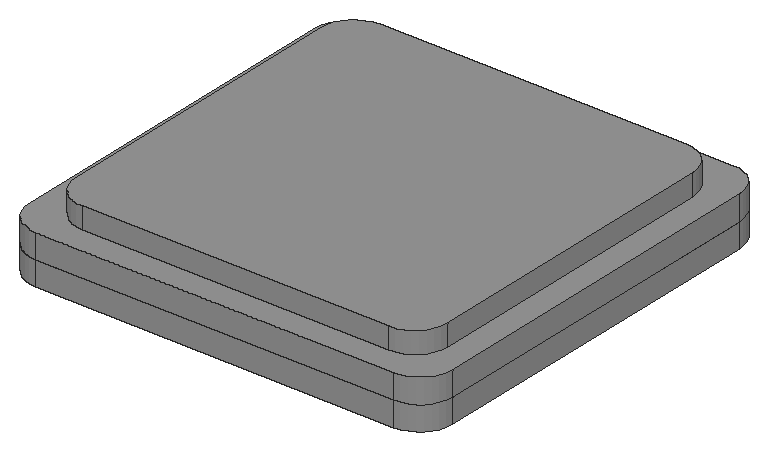
Revit family "FMS2_63_UN_Surface-mounted_ETK", category Lighting Fixtures, Revit 2019 (continued)
Definition of nested family "FMS.2 - Lightsource"
  Types (14, lengths in mm): name | Wattage Comments | Wattage | built-in parameter 1150134 | Photometric Web File | built-in parameter 1150142 | built-in parameter 1150105 | Lumens | built-in parameter 1150107 | built-in parameter 1150106 | Apparent Load
      1844\t353.1708\t345.1572\t337.4298\t329.4162\t321.6888\t313.9614\t306.234\t298.5066\r\n290.7792\t283.0804\t275.4675\t267.9118\t260.2417\t252.5429\t244.9013\t237.2884\t229.7327\t222.2343\r\n214.7645\t207.3519\t199.9679\t192.6412\t185.3431\t178.0736\t170.8328\t163.9354\t157.2955\t150.7129\r\n144.1589\t137.6336\t131.1368\t124.6687\t118.2578\t111.847\t105.4647\t99.1111\t92.786\t81.3953\r\n65.9119\t50.4284\t34.9164\t19.4358\t3.9438\t0\t0\t0\t0\t0\r\n0\r\n985.1004\t984.2418\t983.3832\t982.8108\t982.2384\t981.666\t980.5212\t979.9488\t979.0902\t978.5178\r\n977.373\t976.2282\t975.0834\t973.6524\t972.5076\t971.3628\t970.218\t968.787\t967.356\t965.6388\r\n963.9216\t961.9182\t960.4872\t958.77\t956.4804\t954.477\t952.1874\t950.184\t947.8944\t945.891\r\n943.8876\t941.598\t939.0222\t936.7326\t934.1568\t931.8672\t929.2914\t926.7156\t923.5674\t920.7054\r\n916.9848\t913.2642\t909.5436\t905.2506\t901.2438\t897.237\t892.944\t888.9372\t884.9304\t880.6374\r\n876.6306\t872.3376\t868.0446\t863.4654\t858.8862\t854.5932\t850.5864\t845.721\t840.8556\t836.2764\r\n831.6972\t826.8318\t821.6802\t816.8148\t811.9494\t807.084\t802.5048\t797.6394\t792.774\t787.6224\r\n782.4708\t777.033\t771.8814\t765.8712\t759.861\t753.8508\t747.8406\t741.8304\t735.534\t729.2376\r\n722.655\t716.3586\t710.3484\t704.052\t697.4694\t690.6006\t684.3042\t678.294\t671.9976\t665.7012\r\n659.1186\t652.536\t645.9534\t639.657\t632.7882\t626.2056\t619.623\t613.0404\t606.4578\t599.3028\r\n592.1478\t584.9928\t577.5516\t570.1104\t562.6692\t555.228\t548.073\t540.918\t533.4768\t526.3218\r\n518.8806\t511.7256\t504.5706\t497.1294\t489.9744\t482.8194\t475.6644\t468.5094\t461.3544\t453.627\r\n445.6134\t437.5998\t429.8724\t421.8588\t413.8452\t406.1178\t398.1042\t390.3768\t382.6494\t374.922\r\n367.1946\t359.4672\t351.7398\t344.0124\t336.285\t328.5576\t320.544\t312.5304\t304.5168\t296.7894\r\n288.7758\t281.0484\t273.321\t265.6795\t258.0665\t250.5109\t242.9838\t235.514\t228.0728\t220.5457\r\n213.0759\t205.6633\t198.2794\t190.9526\t183.6545\t176.4423\t169.2587\t162.1323\t155.0918\t148.1085\r\n141.4973\t135.1723\t128.8759\t122.6081\t116.3975\t110.187\t104.0051\t97.8804\t91.7843\t85.6883\r\n78.8767\t63.0785\t47.2802\t31.482\t15.6637\t0\t0\t0\t0\t0\r\n0\r\n985.1004\t984.2418\t983.3832\t982.8108\t982.5246\t981.666\t980.8074\t979.9488\t979.3764\t978.804\r\n977.6592\t976.5144\t975.0834\t973.9386\t972.7938\t971.9352\t970.5042\t969.0732\t967.356\t965.3526\r\n963.6354\t961.9182\t960.4872\t958.1976\t956.1942\t953.9046\t951.615\t949.3254\t947.322\t945.3186\r\n942.7428\t940.4532\t937.8774\t935.3016\t932.7258\t930.15\t927.288\t924.426\t921.2778\t918.4158\r\n915.5538\t912.1194\t908.685\t905.2506\t902.1024\t898.668\t894.6612\t890.6544\t886.3614\t882.0684\r\n877.4892\t873.1962\t868.9032\t864.6102\t860.031\t855.1656\t850.3002\t845.4348\t840.5694\t835.4178\r\n830.2662\t825.4008\t820.5354\t815.3838\t810.5184\t805.3668\t800.2152\t795.0636\t789.6258\t784.188\r\n779.0364\t773.5986\t768.447\t763.0092\t757.8576\t752.1336\t746.6958\t740.9718\t735.534\t729.81\r\n723.7998\t718.0758\t712.0656\t705.7692\t699.1866\t692.3178\t685.7352\t678.8664\t671.9976\t665.1288\r\n658.5462\t651.6774\t644.8086\t637.9398\t631.071\t624.4884\t617.3334\t610.4646\t603.5958\t596.727\r\n589.8582\t582.9894\t576.1206\t568.9656\t562.0968\t554.9418\t548.073\t540.918\t533.763\t526.0356\r\n518.3082\t510.5808\t503.1396\t495.4122\t487.971\t480.2436\t472.8024\t465.3612\t457.92\t450.4788\r\n443.0376\t435.5964\t427.869\t420.4278\t412.9866\t405.2592\t398.1042\t390.0906\t382.077\t373.7772\r\n365.7636\t358.0362\t350.0226\t342.009\t334.2816\t326.268\t318.5406\t310.527\t302.7996\t295.0722\r\n287.631\t279.9322\t271.9759\t264.1626\t256.4066\t248.6792\t241.0376\t233.4247\t225.869\t218.3992\r\n211.0153\t203.7458\t196.5335\t189.3213\t182.0804\t174.8968\t167.7704\t160.7299\t153.7753\t146.8778\r\n140.0377\t133.2547\t126.529\t120.1468\t114.0507\t108.0405\t102.0875\t96.1918\t90.3247\t84.4862\r\n78.6764\t72.9238\t61.6189\t45.2768\t28.9062\t12.5298\t0\t0\t0\t0\r\n0\r\n985.1004\t984.2418\t983.3832\t983.097\t982.5246\t981.9522\t981.0936\t980.5212\t979.9488\t979.0902\r\n977.9454\t976.8006\t975.3696\t974.2248\t973.3662\t972.5076\t970.7904\t969.3594\t967.356\t965.3526\r\n963.9216\t962.4906\t960.4872\t958.1976\t955.908\t953.6184\t951.615\t949.3254\t947.322\t944.7462\r\n942.4566\t939.5946\t937.0188\t934.443\t931.8672\t929.0052\t926.1432\t922.995\t920.133\t916.6986\r\n913.2642\t909.8298\t906.3954\t902.961\t899.5266\t896.0922\t892.3716\t888.9372\t884.9304\t881.2098\r\n877.4892\t874.0548\t869.7618\t865.4688\t861.1758\t856.5966\t851.7312\t846.5796\t841.428\t836.2764\r\n831.411\t826.2594\t821.1078\t815.9562\t810.8046\t805.3668\t799.929\t794.4912\t789.0534\t783.6156\r\n778.1778\t772.74\t767.016\t761.292\t755.568\t749.844\t743.8338\t737.8236\t731.8134\t726.3756\r\n720.6516\t714.6414\t708.345\t702.0486\t696.0384\t689.742\t683.7318\t677.7216\t671.4252\t665.1288\r\n658.8324\t652.536\t646.2396\t639.9432\t633.3606\t626.4918\t619.3368\t612.1818\t605.0268\t597.5856\r\n590.1444\t582.9894\t575.5482\t568.107\t560.952\t553.5108\t546.3558\t538.9146\t531.4734\t523.746\r\n516.3048\t509.1498\t501.7086\t494.5536\t487.1124\t479.9574\t472.5162\t465.075\t457.6338\t450.1926\r\n442.179\t434.1654\t426.1518\t418.1382\t410.4108\t402.6834\t394.956\t387.2286\t379.215\t371.4876\r\n363.7602\t356.0328\t348.5916\t340.8642\t333.423\t325.6956\t317.9682\t309.6684\t301.6548\t293.6412\r\n285.6848\t277.7857\t269.9152\t262.1306\t254.4318\t246.8475\t239.3204\t231.7934\t224.3522\t216.6534\r\n209.1263\t201.7424\t194.4157\t187.1748\t179.9339\t172.8362\t165.7957\t158.8982\t152.0581\t145.2179\r\n138.4349\t131.7092\t125.0122\t118.3437\t111.7039\t105.0926\t98.5959\t92.5285\t86.4896\t80.5367\r\n74.641\t68.8025\t63.0212\t57.2972\t41.9855\t25.6378\t9.3244\t0\t0\t0\r\n0\r\n985.1004\t984.2418\t983.6694\t983.097\t982.8108\t981.9522\t981.3798\t980.8074\t980.235\t979.3764\r\n978.2316\t977.0868\t975.942\t974.7972\t973.9386\t972.7938\t971.3628\t969.6456\t967.6422\t965.925\r\n964.494\t963.063\t960.7734\t958.4838\t956.1942\t953.9046\t951.9012\t949.8978\t947.322\t945.0324\r\n942.1704\t939.5946\t937.0188\t934.443\t931.581\t928.719\t925.5708\t922.7088\t919.2744\t915.5538\r\n912.1194\t908.685\t905.2506\t901.8162\t898.0956\t894.375\t890.6544\t886.9338\t883.2132\t879.4926\r\n875.4858\t871.1928\t866.8998\t862.3206\t858.0276\t853.4484\t848.8692\t844.29\t839.7108\t835.1316\r\n830.5524\t825.687\t821.1078\t815.9562\t811.0908\t805.9392\t800.7876\t795.9222\t791.0568\t785.619\r\n779.6088\t773.5986\t767.8746\t762.1506\t755.8542\t749.844\t744.4062\t738.6822\t732.3858\t726.3756\r\n719.793\t713.4966\t707.2002\t701.19\t694.8936\t688.311\t682.0146\t675.7182\t669.1356\t662.2668\r\n655.6842\t649.1016\t642.8052\t636.2226\t629.64\t622.7712\t616.1886\t609.3198\t602.451\t595.5822\r\n588.9996\t582.1308\t575.262\t568.3932\t561.2382\t553.797\t546.9282\t540.0594\t533.1906\t526.3218\r\n518.5944\t510.5808\t502.8534\t495.126\t487.3986\t479.6712\t471.9438\t464.2164\t456.2028\t448.4754\r\n440.4618\t432.7344\t425.007\t417.2796\t409.5522\t401.5386\t393.8112\t386.0838\t378.3564\t370.629\r\n362.9016\t355.4604\t347.733\t339.4332\t331.4196\t323.1198\t315.1062\t307.3788\t299.3652\t291.6378\r\n283.7673\t276.1544\t268.6559\t261.0144\t253.4587\t245.9889\t238.4618\t230.5627\t222.8067\t215.1652\r\n207.6381\t200.111\t192.7271\t185.4862\t178.3312\t171.3193\t164.1929\t156.9521\t149.7398\t142.5276\r\n135.3154\t128.0459\t120.805\t113.6214\t106.4378\t99.3686\t92.4426\t85.6597\t78.9912\t72.4658\r\n66.7418\t61.3899\t56.1238\t50.9722\t45.9351\t38.4653\t22.4553\t6.4767\t0\t0\r\n0\r\n985.1004\t984.528\t983.6694\t983.3832\t983.097\t982.2384\t981.666\t981.0936\t980.8074\t979.9488\r\n978.804\t977.6592\t976.2282\t975.3696\t974.7972\t973.3662\t971.9352\t969.9318\t967.9284\t966.4974\r\n965.6388\t963.6354\t961.3458\t959.0562\t956.7666\t954.7632\t952.7598\t950.4702\t948.1806\t945.6048\r\n942.7428\t940.167\t937.5912\t934.7292\t931.8672\t929.0052\t926.1432\t922.7088\t918.9882\t915.5538\r\n912.1194\t908.685\t905.2506\t901.53\t897.8094\t894.0888\t890.3682\t886.3614\t882.6408\t878.9202\r\n874.6272\t870.048\t865.4688\t861.1758\t856.5966\t852.0174\t847.4382\t842.859\t837.9936\t833.4144\r\n828.549\t823.9698\t818.8182\t813.6666\t808.515\t803.0772\t798.2118\t793.3464\t787.9086\t782.1846\r\n776.7468\t771.309\t765.585\t759.861\t754.4232\t749.2716\t743.5476\t737.5374\t731.5272\t725.2308\r\n719.2206\t713.4966\t707.4864\t701.19\t695.1798\t689.1696\t682.8732\t676.0044\t669.708\t663.4116\r\n657.1152\t650.5326\t643.95\t637.0812\t629.9262\t623.3436\t616.4748\t609.3198\t602.1648\t595.0098\r\n588.141\t580.986\t573.831\t566.3898\t558.9486\t551.5074\t544.3524\t536.9112\t529.47\t522.315\r\n515.16\t507.7188\t500.2776\t492.8364\t485.3952\t477.6678\t470.2266\t462.4992\t455.058\t447.6168\r\n440.1756\t432.4482\t425.007\t417.2796\t409.5522\t401.8248\t394.0974\t386.37\t378.9288\t371.4876\r\n363.474\t355.1742\t347.1606\t339.147\t330.8472\t322.8336\t314.82\t306.8064\t298.7928\t290.7792\r\n282.7656\t274.8951\t267.1677\t259.4689\t251.7701\t244.1572\t236.5729\t228.8169\t220.975\t213.3049\r\n205.6919\t198.2507\t190.924\t183.7118\t176.6426\t169.7166\t162.8764\t155.7787\t148.1371\t140.5242\r\n132.7968\t124.8977\t116.9413\t108.9563\t101.1431\t93.5874\t86.2034\t79.0771\t72.151\t65.6829\r\n59.7586\t54.0632\t48.6254\t43.5883\t39.4384\t35.4602\t31.5679\t21.1845\t4.3645\t0\r\n0\r\n985.1004\t984.528\t983.6694\t983.6694\t983.3832\t982.5246\t981.9522\t981.666\t981.3798\t980.235\r\n979.3764\t978.2316\t977.0868\t976.2282\t975.6558\t974.2248\t972.5076\t970.7904\t968.787\t967.6422\r\n966.7836\t964.494\t962.2044\t960.201\t957.9114\t955.908\t953.9046\t951.615\t949.3254\t946.4634\r\n943.6014\t941.3118\t938.736\t936.1602\t933.2982\t930.15\t927.288\t923.5674\t919.8468\t916.4124\r\n913.2642\t909.8298\t906.3954\t902.6748\t898.9542\t895.2336\t891.2268\t887.5062\t883.7856\t879.4926\r\n875.1996\t870.6204\t866.0412\t861.7482\t857.169\t852.876\t848.2968\t843.4314\t838.566\t833.7006\r\n829.1214\t824.256\t819.3906\t813.9528\t808.515\t803.3634\t798.498\t793.0602\t787.6224\t782.1846\r\n776.7468\t770.7366\t765.0126\t759.5748\t754.137\t748.413\t742.689\t736.3926\t730.0962\t724.086\r\n718.362\t712.0656\t705.7692\t699.4728\t693.4626\t687.1662\t680.5836\t674.001\t667.7046\t661.122\r\n654.5394\t647.9568\t641.3742\t634.5054\t627.9228\t621.054\t614.4714\t607.3164\t600.4476\t593.5788\r\n586.71\t579.555\t572.1138\t564.9588\t558.09\t550.935\t543.4938\t536.3388\t529.1838\t522.0288\r\n514.5876\t507.1464\t499.7052\t491.9778\t484.8228\t477.3816\t469.6542\t461.9268\t454.1994\t446.7582\r\n439.317\t431.5896\t423.8622\t415.8486\t408.4074\t400.68\t392.9526\t385.2252\t377.2116\t369.198\r\n360.8982\t352.5984\t345.1572\t337.716\t329.7024\t321.6888\t313.6752\t305.6616\t297.648\t289.6344\r\n281.7067\t273.8075\t266.1374\t258.5245\t250.7971\t243.041\t235.3995\t227.8724\t220.374\t212.8756\r\n205.4916\t198.1935\t190.9526\t183.8549\t176.2992\t168.858\t161.474\t154.3477\t147.3358\t140.4097\r\n133.5695\t126.8725\t120.3185\t113.4497\t105.2357\t96.9359\t88.6648\t80.4222\t72.3514\t64.9674\r\n57.9555\t51.3729\t45.2196\t39.7532\t34.8305\t30.5948\t26.7597\t24.1152\t22.2864\t3.1368\r\n0\r\n985.1004\t984.528\t983.9556\t983.6694\t983.6694\t982.8108\t982.2384\t981.9522\t981.666\t980.8074\r\n979.9488\t978.804\t977.6592\t977.0868\t976.5144\t975.0834\t973.6524\t971.649\t969.6456\t968.787\r\n968.2146\t965.925\t963.6354\t961.3458\t959.3424\t957.339\t955.6218\t953.3322\t951.0426\t948.1806\r\n945.3186\t943.029\t940.7394\t937.8774\t935.3016\t932.4396\t929.2914\t925.5708\t921.8502\t918.702\r\n915.2676\t911.8332\t908.3988\t904.9644\t901.2438\t897.5232\t893.8026\t890.082\t886.3614\t882.0684\r\n877.7754\t873.1962\t868.617\t864.324\t860.031\t855.4518\t851.1588\t846.2934\t841.1418\t836.5626\r\n831.9834\t827.4042\t822.5388\t816.8148\t811.377\t806.5116\t801.6462\t796.2084\t790.7706\t785.0466\r\n779.6088\t773.8848\t768.1608\t762.723\t757.2852\t751.5612\t745.8372\t739.5408\t733.2444\t727.2342\r\n721.224\t715.2138\t708.9174\t702.621\t696.3246\t690.0282\t683.7318\t677.4354\t671.139\t664.2702\r\n657.6876\t651.105\t644.2362\t637.6536\t630.7848\t623.916\t617.3334\t610.1784\t603.0234\t596.1546\r\n589.2858\t582.1308\t574.6896\t567.8208\t561.2382\t553.797\t546.3558\t539.2008\t531.7596\t524.3184\r\n516.591\t509.1498\t501.7086\t494.2674\t487.1124\t479.385\t471.6576\t463.9302\t455.9166\t448.1892\r\n440.4618\t433.0206\t425.5794\t417.5658\t409.5522\t401.5386\t393.525\t385.5114\t377.784\t369.7704\r\n362.043\t354.0294\t346.302\t338.2884\t330.2748\t322.5474\t314.82\t306.8064\t298.7928\t291.0654\r\n282.9946\t275.1813\t267.3967\t259.4689\t251.5412\t243.8138\t236.0864\t228.4735\t220.8605\t213.219\r\n205.5488\t197.9932\t190.4661\t183.0249\t175.5837\t168.3715\t161.1592\t154.2618\t147.3358\t140.5242\r\n133.7413\t127.0728\t120.4043\t114.0507\t107.6971\t101.4007\t95.0756\t89.3516\t83.599\t78.0754\r\n72.5517\t67.3715\t62.1913\t57.24\t52.2887\t47.9957\t43.7314\t40.9552\t38.1505\t37.2919\r\n19.7163\r\n985.1004\t984.528\t983.6694\t983.3832\t983.097\t982.5246\t981.666\t981.3798\t981.0936\t980.235\r\n979.0902\t977.9454\t976.8006\t975.942\t975.3696\t973.9386\t972.2214\t970.218\t968.2146\t967.356\r\n966.4974\t964.2078\t961.9182\t959.6286\t957.6252\t955.6218\t953.6184\t951.3288\t949.0392\t946.1772\r\n943.3152\t940.7394\t938.1636\t935.3016\t932.4396\t929.5776\t926.7156\t922.995\t919.2744\t915.84\r\n912.4056\t908.9712\t905.5368\t901.8162\t898.0956\t894.375\t890.6544\t886.9338\t882.927\t878.9202\r\n874.341\t869.7618\t865.1826\t860.8896\t856.5966\t852.0174\t847.4382\t842.5728\t837.4212\t832.842\r\n828.2628\t823.3974\t818.532\t813.0942\t807.6564\t802.2186\t797.3532\t791.9154\t786.7638\t781.326\r\n775.602\t769.878\t764.154\t758.43\t752.9922\t747.2682\t741.5442\t735.2478\t729.2376\t723.2274\r\n717.2172\t710.9208\t704.6244\t698.328\t692.0316\t685.7352\t679.4388\t673.1424\t666.5598\t659.9772\r\n653.3946\t646.812\t640.2294\t633.3606\t626.4918\t619.623\t613.0404\t606.1716\t599.0166\t591.8616\r\n584.9928\t577.8378\t570.969\t563.814\t556.659\t549.504\t542.349\t535.194\t527.7528\t520.5978\r\n512.8704\t505.4292\t497.988\t490.5468\t483.1056\t475.6644\t467.937\t460.4958\t452.7684\t445.041\r\n437.3136\t429.8724\t422.4312\t414.99\t406.9764\t398.9628\t391.5216\t383.7942\t375.7806\t367.4808\r\n359.7534\t351.7398\t344.0124\t335.9988\t327.699\t319.6854\t311.6718\t303.9444\t295.9308\t288.2034\r\n280.3043\t272.4338\t264.5919\t256.75\t249.0226\t241.3525\t233.6823\t226.0408\t218.5137\t211.1297\r\n203.7744\t196.5049\t189.3213\t182.3094\t174.7823\t167.2267\t159.7568\t152.6591\t145.6472\t138.7784\r\n131.9668\t125.3556\t118.9161\t112.5911\t106.123\t99.7407\t93.7591\t87.9493\t82.397\t76.6157\r\n70.949\t65.597\t60.4454\t55.4942\t50.8864\t46.5361\t42.5007\t39.839\t38.036\t5.4035\r\n0\r\n985.1004\t984.2418\t983.6694\t983.3832\t982.8108\t982.2384\t981.3798\t980.8074\t980.5212\t979.3764\r\n978.5178\t977.373\t975.942\t975.0834\t974.2248\t972.7938\t971.3628\t969.3594\t967.356\t965.925\r\n965.0664\t963.063\t960.4872\t958.4838\t956.1942\t953.9046\t951.9012\t949.6116\t947.322\t944.7462\r\n941.8842\t939.0222\t936.4464\t933.5844\t930.7224\t927.5742\t924.7122\t921.2778\t917.5572\t914.1228\r\n910.6884\t907.254\t903.8196\t900.099\t896.3784\t892.6578\t888.9372\t885.2166\t881.2098\t877.203\r\n872.91\t868.3308\t863.7516\t859.1724\t854.8794\t850.5864\t846.0072\t841.1418\t836.2764\t831.1248\r\n826.5456\t821.9664\t817.101\t812.5218\t806.7978\t801.36\t795.9222\t790.7706\t785.619\t780.4674\r\n775.0296\t769.5918\t763.8678\t758.1438\t752.4198\t746.982\t741.258\t735.2478\t729.2376\t723.2274\r\n717.2172\t711.4932\t705.483\t698.9004\t692.604\t686.3076\t680.2974\t674.001\t667.7046\t661.4082\r\n654.8256\t647.9568\t641.088\t634.5054\t627.9228\t620.7678\t613.6128\t606.4578\t599.589\t592.1478\r\n584.9928\t577.8378\t570.6828\t563.5278\t556.3728\t549.2178\t541.7766\t534.3354\t526.8942\t519.7392\r\n512.298\t504.8568\t497.1294\t489.6882\t482.247\t474.5196\t467.0784\t459.6372\t452.196\t444.4686\r\n437.0274\t429.3\t421.8588\t414.1314\t406.6902\t399.249\t391.8078\t384.0804\t376.353\t368.3394\r\n360.0396\t352.026\t343.7262\t335.7126\t327.4128\t319.3992\t311.3856\t303.372\t295.3584\t287.3448\r\n279.3884\t271.5179\t263.7333\t255.9773\t248.2213\t240.5225\t232.9668\t225.268\t217.4834\t209.8705\r\n202.3148\t194.7877\t187.4038\t180.1057\t172.9507\t165.9388\t159.1272\t152.1439\t144.9603\t137.9484\r\n131.051\t124.3253\t117.7427\t111.3318\t105.064\t98.9393\t92.9578\t87.1193\t81.4239\t75.843\r\n70.348\t64.9674\t59.7872\t54.8645\t50.6574\t46.5647\t42.5579\t28.9921\t5.9959\t0\r\n0\r\n985.1004\t984.2418\t983.3832\t983.097\t982.5246\t981.666\t980.8074\t980.235\t979.9488\t978.804\r\n977.9454\t976.5144\t975.3696\t974.2248\t973.3662\t971.9352\t970.218\t968.5008\t966.4974\t964.7802\r\n963.6354\t962.2044\t959.6286\t957.339\t955.0494\t953.046\t950.7564\t948.4668\t946.1772\t943.8876\r\n941.0256\t938.1636\t935.3016\t932.4396\t929.5776\t926.7156\t923.5674\t920.4192\t916.9848\t913.2642\r\n909.8298\t906.6816\t903.2472\t899.8128\t896.0922\t892.3716\t888.651\t884.6442\t880.9236\t877.203\r\n873.1962\t868.617\t864.324\t859.7448\t855.1656\t850.8726\t846.8658\t842.0004\t837.135\t832.2696\r\n827.118\t822.5388\t817.9596\t813.3804\t808.8012\t803.6496\t798.2118\t792.774\t787.3362\t782.1846\r\n776.7468\t771.0228\t765.2988\t759.5748\t753.2784\t746.982\t741.258\t735.2478\t728.9514\t722.9412\r\n716.6448\t710.3484\t704.052\t698.0418\t691.4592\t684.8766\t678.294\t671.7114\t665.415\t658.8324\r\n652.2498\t645.6672\t639.0846\t632.2158\t625.347\t618.7644\t612.468\t605.5992\t598.7304\t591.8616\r\n584.7066\t577.8378\t570.969\t564.1002\t557.2314\t550.3626\t543.2076\t536.3388\t529.1838\t522.315\r\n514.5876\t506.574\t498.8466\t490.833\t483.1056\t475.3782\t467.6508\t459.6372\t451.6236\t443.8962\r\n436.1688\t428.4414\t420.4278\t412.4142\t404.973\t397.2456\t389.232\t381.2184\t373.491\t365.7636\r\n358.3224\t350.595\t342.8676\t334.5678\t326.268\t317.9682\t309.9546\t301.941\t293.9274\t286.2\r\n278.5012\t270.7738\t263.1037\t255.4907\t248.0209\t240.6083\t233.024\t224.9532\t217.0255\t209.2408\r\n201.5707\t193.9577\t186.4021\t178.9895\t171.72\t164.5936\t15
